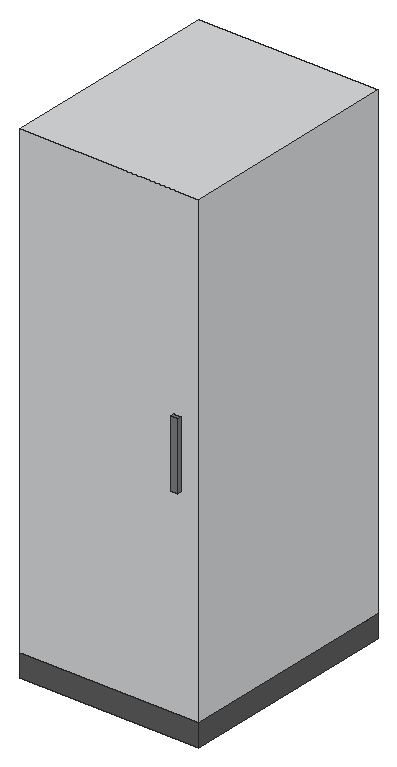
Revit family "EQ_Metering & Protection Panel", category Electrical Equipment, Revit 2025
Family settings
  Panel Configuration = Two Columns, Circuits Across
  Round Connector Dimension = Use Diameter
  Part Type = Panelboard
  OmniClass Number = 23.80.30.11.17
  OmniClass Title = Distribution Boards and Control Panels
  Work Plane-Based = No
  Always vertical = Yes
  Cut with Voids When Loaded = No
  Maintain Annotation Orientation = No
  Shared = No
  Room Calculation Point = No
Parameters (values of type "CT/PT + kWh Meter + Relay")
  Width = 800 mm
  built-in parameter 1140142 [instance] = -1
  built-in parameter 1140140 [instance] = 1 (stored number, unit not read)
  Height = 2200 mm
  Function = "CT/PT, kWh meter, power analyzer, protection relay"
  built-in parameter 1155100 [instance] = -1
  Depth = 1000 mm
  Default Elevation = 0 mm
Reference planes
  plane 1 "Center (Front/Back)": y = 0
  plane 2: z = 0
  plane 3 "Center (Left/Right)": x = 0
  plane 4 "Front": y = -500
  plane 5 "Back": y = 500
  plane 6 "Top": z = 2200
  plane 7 "Left": x = -400
  plane 8 "Right": x = 400
Forms (mm)
  Extrusion 1, solid, material "Plinth Black"
    sketch origin (0, 0, 0) x (1, 0, 0) y (0, 1, 0)
      loop
        line (-400, -500) -> (400, -500) -> (400, 500) -> (-400, 500) -> (-400, -500)
    from 0 to 100
  Extrusion 2, solid, material "Switchboard RAL7035"
    sketch origin (0, 0, 100) x (1, 0, 0) y (0, 1, 0)
      loop
        line (-400, -500) -> (400, -500) -> (400, 500) -> (-400, 500) -> (-400, -500)
    from 0 to 2100
  Extrusion 3, solid, material "Handle Grey"
    sketch origin (0, 0, 1000) x (1, 0, 0) y (0, 1, 0)
      loop
        line (290, -520) -> (320, -520) -> (320, -500) -> (290, -500) -> (290, -520)
    from 0 to 300
Dimensions and locks
  equal spacing: plane 4 "Front", plane 1 "Center (Front/Back)", plane 5 "Back"
  "Depth": plane 4 "Front" to plane 5 "Back"
  "Height": level to plane 6 "Top"
  equal spacing: plane 7 "Left", plane 3 "Center (Left/Right)", plane 8 "Right"
  "Width": plane 7 "Left" to plane 8 "Right"
  aligned and locked: level to plane 2
  aligned and locked: Extrusion 1 to level
  aligned and locked: Extrusion 1 to plane 8 "Right"
  aligned and locked: plane 5 "Back" to Extrusion 1
  aligned and locked: plane 7 "Left" to Extrusion 1
  aligned and locked: Extrusion 1 to plane 4 "Front"
  aligned and locked: Extrusion 2 to plane 6 "Top"
  aligned and locked: Extrusion 2 to plane 8 "Right"
  aligned and locked: plane 5 "Back" to Extrusion 2
  aligned and locked: plane 7 "Left" to Extrusion 2
  aligned and locked: Extrusion 2 to plane 4 "Front"
  aligned and locked: plane 4 "Front" to Extrusion 3
Automatic sketch dimensions
  Extrusion 1 sketch curve to plane 4 "Front" = 0 mm
  Extrusion 1 sketch curve to plane 7 "Left" = 0 mm
  Extrusion 1 sketch curve to plane 5 "Back" = 0 mm
  Extrusion 1 sketch curve to plane 8 "Right" = 0 mm
  Extrusion 2 sketch curve to plane 4 "Front" = 0 mm
  Extrusion 2 sketch curve to plane 7 "Left" = 0 mm
  Extrusion 2 sketch curve to plane 5 "Back" = 0 mm
  Extrusion 2 sketch curve to plane 8 "Right" = 0 mm
  Extrusion 3 sketch curve to plane 4 "Front" = 0 mm
  Extrusion 3 sketch curve to plane 4 "Front" = 20 mm
  plane 8 "Right" to Extrusion 3 sketch curve = 110 mm
  Extrusion 3 sketch curve to Extrusion 3 sketch curve = 30 mm
